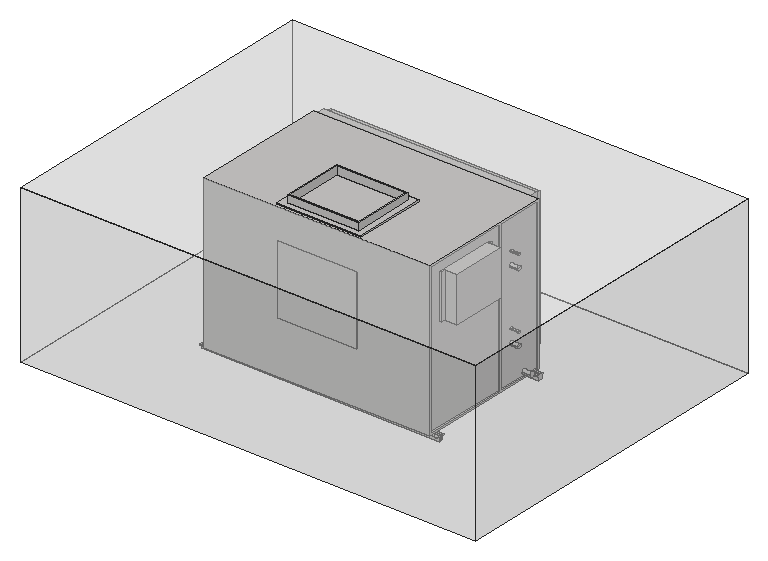
Revit family "outputfile", category 機械設備, Revit 2024
Family settings
  丸型コネクタ寸法 = 半径を使用
  パーツ タイプ = 標準
  OmniClass 番号 = 23.75.10.24.21.27.27
  OmniClass タイトル = Split System Air Conditioning Units
  作業面ベース = いいえ
  常に垂直 = はい
  ロード時にボイドで切り取り = いいえ
  注釈の向きを維持 = いいえ
  共有 = いいえ
  部屋計算ポイント = はい
Parameters (values of type "FBVN250H2BY1C")
  Description = ""
  書き出し IFC クラス(タイプ) = "IfcUnitaryEquipmentType"
  定義済み IFC タイプ(タイプ) = "AIRCONDITIONINGUNIT"
  Cost = 0
  Type Comments = ""
  Keynote = ""
  Type Image = (empty or 0)
  Assembly Code = ""
  switch_frequency = yes
  lw_power = 930 mm
  lw_frontpanel = 620 mm
  lw_box = 97 mm
  lw_RA = 853 mm
  lh_liquidpipe_2 = 428 mm
  lh_height_SA = 482 mm
  lh_ld_mountinghole_height = 35 mm
  lh_height_RA = 1073 mm
  lh_hangerfixture = 35 mm
  lh_gaspipe_2 = 328 mm
  lh_frontpanel_bottom = 444 mm
  lh_frontpanel = 542 mm
  lh_box_top = 95 mm
  lh_box = 351 mm
  lh_SA = 1291 mm
  lh_RA = 659.5 mm
  ld_void_top = if(Height = 1231 mm, 10 mm, 9 mm)  # 10 mm
  ld_void_right = if(Height = 1231 mm, 10 mm, 9 mm)  # 10 mm
  ld_void_middle = if(Height = 1231 mm, 10 mm, 18 mm)  # 10 mm
  ld_void_length = if(Height = 1231 mm, 680.2 mm, 535.5 mm)  # 680.2 mm
  ld_void_left = if(Height = 1231 mm, 10 mm, 9 mm)  # 10 mm
  ld_void_bottom = if(Height = 1231 mm, 10 mm, 6 mm)  # 10 mm
  ld_frontpanel = 10 mm
  ld_depth_SA = 301 mm
  ld_depth_RA = 130 mm
  ld_box_left = 115 mm
  ld_box = 490 mm
  connector_voltage = 0 V
  connector_powerinput = [Power Input (Cooling)]  # 23.880 kW
  connector_phase = 1
  製造元 = "Daikin"
  モデル = "FBVN250H2BY1C"
  w_pipe = 33 mm
  r_Liquid Pipe Size = Liquid Pipe Size / 2  # 6.35 mm
  r_Gas Pipe Size = Gas Pipe Size / 2  # 14.3 mm
  r_Drain Pipe Size = Drain Pipe Size / 2  # 17.0 mm
  lw_powersupply = lw_power  # 930 mm
  lw_width_RA = 1636 mm
  lw_width_SA = 540 mm
  lh_suctionflange [instance] = 100 mm
  ld_suctionflange [instance] = 190 mm
  ld_powersupply = 0 mm
  angle_vertical_RA [instance] = 90.00°
  angle horizontal_RA [instance] = 180.00°
  Voltage_comment_50Hz = "380 - 415"
  Voltage_50Hz = 400 V
  URL = ""
  Sound Power Level_H speed (dB) = 0
  Phase_50Hz = 3
  Minimum External Static Pressure = 0.00 Pa
  Minimum Circuit Amps_50Hz = 0.0 A
  Maximum Fuse Amps_50Hz = 0.0 A
  Maximum External Static Pressure = 200.00 Pa
  Material_Casing = DAIKIN_GalvanizedSteel_Casing_indoorunit
  lw_liquidpipe = 933 mm
  lw_gaspipe = 933 mm
  lw_mountinghole_pitch = 1826 mm
  lw_mountinghole = 1866 mm
  lw_drainpipe = 933 mm
  lh_powersupply = 785 mm
  lh_liquidpipe = 974 mm
  lh_gaspipe = 874 mm
  lh_mountinghole = 5 mm
  lh_drainpipe = 73 mm
  lh_antena = 1227 mm
  ld_liquidpipe = 280.5 mm
  ld_gaspipe = 280.5 mm
  ld_mountinghole_pitch = 974 mm
  ld_drainpipe = 405.5 mm
  ld_controlbox = 626 mm
  h*** = 0 mm  # constant formula
  d_dischargeflange = 60 mm
  Width = 1766 mm
  Version = "ver.1.0"
  Unit Type = "Duct"
  Unit Mass Weight = 323.00 kg
  Unit Designation [instance] = ""
  Uniclass2015Version = "Products v1.30"
  Uniclass2015Title = "Split coil room air conditioning units"
  Uniclass2015Code = "Pr_70_65_03_86"
  Total Cooling Capacity [instance] = 0.000 kW
  Sound Pressure Level_M speed (dBA) = 0
  Sound Pressure Level_L speed (dBA) = 0
  Sound Pressure Level_H speed (dBA) = 63
  Series = "Package Aircon_Fan Coil Unit"
  Sensible Cooling Capacity [instance] = 0.000 kW
  SA Duct Size Width = 560 mm
  SA Duct Size Height = 482 mm
  Refrigerant Type = "R410A"
  RA Duct Size Width = 1636 mm
  RA Duct Size Height = 1073 mm
  Power Input (Cooling) = 23.880 kW
  Option Accessory 3 [instance] = ""
  Option Accessory 2 [instance] = ""
  Option Accessory 1 [instance] = ""
  Nominal Cooling Capacity = 73.200 kW
  Minimum Airflow = 0.00 m³/h
  Median Airflow = 0.00 m³/h
  Maximum Airflow = 12743.00 m³/h
  Load Classification = HVAC
  Liquid Pipe Size = 12.7 mm
  Link_Nested Family [instance] = ""
  IfcVersion = ""
  IfcExportType = "AIRCONDITIONINGUNIT"
  IfcExportAs = "IfcUnitaryEquipmentType"
  Height = 1231 mm
  Heat Exchanger Type = "Cross Fin Coil"
  Gas Pipe Size = 28.6 mm
  Frequency_50Hz = 50 Hz
  Fan Type = "Sirocco Fan"
  Fan Drive = "-"
  FCU Tag No. [instance] = ""
  Drain Pipe Size = 34.0 mm
  Design Supply Airflow [instance] = 0.00 m³/h
  Design Return Airflow [instance] = 0.00 m³/h
  Design External Static Pressure [instance] = 0.00 Pa
  Depth = 1069 mm
  既定の高さ = 0 mm
  Cooling Entering Wet Bulb Temperature [instance] = 0.00 °C
  Cooling Entering Dry Bulb Temperature [instance] = 0.00 °C
  Cooling Ambient Wet Bulb Temperature [instance] = 0.00 °C
  Cooling Ambient Dry Bulb Temperature [instance] = 0.00 °C
  Clearance visibility [instance] = yes
  Clearance Top = 0 mm
  Clearance Right = 1000 mm
  Clearance Rear = 800 mm
  Clearance Left = 800 mm
  Clearance Front = 800 mm
  Clearance Bottom = 0 mm
Reference planes
  plane 1 "Center (Front/Back)": y = 0
  plane 2: z = 0
  plane 3 "Center (Left/Right)": x = 0
  plane 4 "Back": y = 534.5
  plane 5 "Front": y = -534.5
  plane 6 "Left": x = -883
  plane 7 "Right": x = 883
  plane 8 "Top": z = 0
  plane 9 "Bottom": z = -1231
  plane 10: z = -257
  plane 11: z = -357
  plane 12: x = -913
  plane 13: x = 913
  plane 14: x = 933
  plane 15: x = 933
  plane 16: z = -1226
  plane 17 "Clearance Left": x = -1683
  plane 18 "Clearance Right": x = 1883
  plane 19 "Clearance Rear": y = 1334.5
  plane 20 "Clearance Front": y = -1334.5
  plane 21 "Clearance Bottom": z = -1231
  plane 22: z = -1158
  plane 23 "ld_gas": y = 280.5
  plane 24: y = 280.5
  plane 25: y = -30
  plane 26: y = 405.5
  plane 27: y = 344.5
  plane 28: x = 933
  plane 29: y = 487
  plane 30: y = -487
  plane 31: y = -233.5
  plane 32: y = 664.5
  plane 33 "Clearance Top": z = 0
  plane 34: z = -446
  plane 35: y = 0
  plane 36 "hangerfixture": z = -1196
  plane 37 "lh_SA": z = 60
  plane 38 "lh_RA": z = -571.5
  plane 39 "RA_center": x = -30
  plane 40: x = 883
  plane 41: x = 980
  plane 42: y = -419.5
  plane 43: y = -389.5
  plane 44: y = 40.5
  plane 45: y = 70.5
  plane 46 "box_bottom": z = -446
  plane 47 "box_top": z = -95
  plane 48: x = -310
  plane 49: x = 310
  plane 50: y = -534.5
  plane 51: y = -524.5
  plane 52 "lw_power": x = 930
  plane 53: z = -803
  plane 54: z = -903
  plane 55: z = -787
  plane 56: z = -245
  plane 57: y = -524.5
  plane 58: y = 155.7
  plane 59: y = 165.7
  plane 60: y = 524.5
  plane 61: z = -10
  plane 62: z = -1186
  plane 63: x = 863
  plane 64: x = -863
Forms (mm)
  Extrusion 1, solid, material "DAIKIN_GalvanizedSteel_Casing_indoorunit" <- "Material_Casing"
    sketch origin (0, -0.8, 0) x (1, 0, 0) y (0, 1, 0)
      loop
        line (-883, -533.7) -> (883, -533.7) -> (883, 535.3) -> (-883, 535.3) -> (-883, -533.7)
    from -1196 to 0
  Revolve 2, solid, material "DAIKIN_GalvanizedSteel_Casing_indoorunit" <- "Material_Casing"
    sketch origin (0, 0, -357) x (0, -1, 0) y (1, 0, 0)
      loop
        line (-266.2, 863) -> (-266.2, 933) -> (-280.5, 933) -> (-280.5, 863) -> (-266.2, 863)
      axis (-280.5, 863) -> (-280.5, 933)
    angle from 0 to 360
  Revolve 3, solid, material "DAIKIN_GalvanizedSteel_Casing_indoorunit" <- "Material_Casing"
    sketch origin (0, 0, -257) x (0, -1, 0) y (1, 0, 0)
      loop
        line (-280.5, 863) -> (-280.5, 933) -> (-286.85, 933) -> (-286.85, 863) -> (-280.5, 863)
      axis (-280.5, 933) -> (-280.5, 863)
    angle from 0 to 360
  Extrusion 4, solid, material "DAIKIN_GalvanizedSteel_Casing_indoorunit" <- "Material_Casing"
    sketch origin (0, 0, 0) x (0, 1, 0) y (0, 0, 1)
      loop
        circle (405.5, -1158) r 17
    from 933 to 863
  Extrusion 5, solid, material "DAIKIN_GalvanizedSteel_Casing_indoorunit" <- "Material_Casing"
    sketch origin (0, 0, 0) x (1, 0, 0) y (0, 1, 0)
      loop
        line (863, -419.5) -> (883, -419.5) -> (883, -389.5) -> (980, -389.5) -> (980, 40.5) -> (883, 40.5) -> (883, 70.5) -> (863, 70.5) -> (863, -419.5)
    from -446 to -95
  Extrusion 6, solid, material "DAIKIN_GalvanizedSteel_Casing_indoorunit" <- "Material_Casing"
    sketch origin (0, 0, -1231) x (-1, 0, 0) y (0, -1, 0)
      loop
        line (310, 524.5) -> (310, 534.5) -> (-310, 534.5) -> (-310, 524.5) -> (310, 524.5)
    from 444 to 986
  Revolve 7, solid, material "DAIKIN_GalvanizedSteel_Casing_indoorunit" <- "Material_Casing"
    sketch origin (0, 0, -903) x (0, -1, 0) y (1, 0, 0)
      loop
        line (-266.2, 863) -> (-266.2, 933) -> (-280.5, 933) -> (-280.5, 863) -> (-266.2, 863)
      axis (-280.5, 863) -> (-280.5, 933)
    angle from 0 to 360
  Revolve 8, solid, material "DAIKIN_GalvanizedSteel_Casing_indoorunit" <- "Material_Casing"
    sketch origin (0, 0, -803) x (0, -1, 0) y (1, 0, 0)
      loop
        line (-280.5, 863) -> (-280.5, 933) -> (-286.85, 933) -> (-286.85, 863) -> (-280.5, 863)
      axis (-280.5, 933) -> (-280.5, 863)
    angle from 0 to 360
  Extrusion 9, void
    sketch origin (883, 0, 0) x (0, 1, 0) y (0, 0, 1)
      loop
        line (-524.5, -10) -> (-524.5, -1186) -> (155.7, -1186) -> (155.7, -10) -> (-524.5, -10)
      loop
        line (165.7, -10) -> (165.7, -1186) -> (524.5, -1186) -> (524.5, -10) -> (165.7, -10)
    from 0 to -20
  Extrusion 10, void
    sketch origin (-883, 0, 0) x (0, 1, 0) y (0, 0, 1)
      loop
        line (-524.5, -10) -> (-524.5, -1186) -> (155.7, -1186) -> (155.7, -10) -> (-524.5, -10)
      loop
        line (165.7, -10) -> (165.7, -1186) -> (524.5, -1186) -> (524.5, -10) -> (165.7, -10)
    from 0 to 20
Cuts and joins
  Extrusion 9, Extrusion 10 cuts Extrusion 1
  Extrusion 9, Extrusion 10 cuts Extrusion 6
Dimensions and locks
  equal spacing: plane 12, plane 3 "Center (Left/Right)", plane 13
  "lw_mountinghole_pitch": plane 12 to plane 13
  "lh_liquidpipe": plane 10 to plane 9 "Bottom"
  "lh_gaspipe": plane 11 to plane 9 "Bottom"
  equal spacing: plane 6 "Left", plane 3 "Center (Left/Right)", plane 7 "Right"
  "Width": plane 6 "Left" to plane 7 "Right"
  "Clearance Right": plane 7 "Right" to plane 18 "Clearance Right"
  "Clearance Left": plane 17 "Clearance Left" to plane 6 "Left"
  "Clearance Rear": plane 19 "Clearance Rear" to plane 4 "Back"
  "Clearance Front": plane 5 "Front" to plane 20 "Clearance Front"
  "Depth": plane 4 "Back" to plane 5 "Front"
  equal spacing: plane 4 "Back", plane 1 "Center (Front/Back)", plane 5 "Front"
  "ld_suctionflange": plane 4 "Back" to plane 27
  "r_Liquid Pipe Size": nested 5 to Revolve 3 sketch curve
  equal spacing: plane 29, plane 1 "Center (Front/Back)", plane 30
  "ld_mountinghole_pitch": plane 29 to plane 30
  "lw_liquidpipe": plane 3 "Center (Left/Right)" to plane 14
  "lw_gaspipe": plane 3 "Center (Left/Right)" to plane 15
  "lw_drainpipe": plane 3 "Center (Left/Right)" to plane 28
  "lh_drainpipe": plane 22 to plane 9 "Bottom"
  "Clearance Top": plane 33 "Clearance Top" to plane 8 "Top"
  "Clearance Bottom": plane 9 "Bottom" to plane 21 "Clearance Bottom"
  "lh_powersupply": plane 34 to plane 9 "Bottom"
  plane 8 "Top" to level = 0 mm
  "lh_hangerfixture": plane 36 "hangerfixture" to plane 9 "Bottom"
  "lh_SA": plane 37 "lh_SA" to plane 9 "Bottom"
  "ld_depth_RA": plane 32 to plane 4 "Back"
  "lh_RA": plane 38 "lh_RA" to plane 9 "Bottom"
  "lw_RA": plane 6 "Left" to plane 39 "RA_center"
  "ld_box_left": plane 42 to plane 5 "Front"
  "ld_box": plane 45 to plane 42
  locked: plane 43 to plane 42 at 30
  locked: plane 45 to plane 44 at 30
  "lw_box": plane 7 "Right" to plane 41
  "lh_box_top": plane 8 "Top" to plane 47 "box_top"
  "lh_box": plane 47 "box_top" to plane 46 "box_bottom"
  equal spacing: plane 48, plane 3 "Center (Left/Right)", plane 49
  "lw_power": plane 3 "Center (Left/Right)" to plane 52 "lw_power"
  "lh_gaspipe_2": plane 54 to plane 9 "Bottom"
  "lh_liquidpipe_2": plane 53 to plane 9 "Bottom"
  "ld_powersupply": plane 1 "Center (Front/Back)" to plane 35
  "ld_drainpipe": plane 26 to plane 1 "Center (Front/Back)"
  "ld_gaspipe": plane 23 "ld_gas" to plane 1 "Center (Front/Back)"
  "r_Gas Pipe Size": plane 23 "ld_gas" to Revolve 7 sketch curve
  "r_Gas Pipe Size": plane 23 "ld_gas" to Revolve 2 sketch curve
  "r_Liquid Pipe Size": Revolve 8 sketch curve to plane 24
  "ld_liquidpipe": plane 24 to plane 1 "Center (Front/Back)"
  "ld_depth_SA": plane 31 to plane 5 "Front"
  "Height": plane 8 "Top" to plane 9 "Bottom"
  "lh_mountinghole": plane 16 to plane 9 "Bottom"
  "lw_frontpanel": plane 48 to plane 49
  "lh_frontpanel_bottom": plane 55 to plane 9 "Bottom"
  "lh_frontpanel": plane 56 to plane 55
  locked: plane 51 to plane 5 "Front" at 10
  "ld_frontpanel": plane 51 to plane 50
  "ld_void_top": plane 8 "Top" to plane 61
  "ld_void_left": plane 5 "Front" to plane 57
  "ld_void_right": plane 60 to plane 4 "Back"
  "ld_void_length": plane 57 to plane 58
  "ld_void_middle": plane 58 to plane 59
  "ld_void_bottom": plane 36 "hangerfixture" to plane 62
  locked: plane 6 "Left" to plane 64 at 20
  locked: plane 63 to plane 7 "Right" at 20
  "r_Drain Pipe Size": radius of Extrusion 4 sketch curve
  aligned and locked: level to plane 2
  aligned and locked: plane 8 "Top" to Extrusion 1
  aligned and locked: Revolve 2 sketch curve to Revolve 2 sketch curve
  aligned and locked: plane 14 to nested 5
  aligned and locked: nested 5 to plane 10
  aligned and locked: plane 13 to nested 2
  aligned and locked: plane 12 to nested 3
  aligned and locked: plane 12 to nested 4
  aligned and locked: nested 6 to plane 11
  aligned and locked: plane 23 "ld_gas" to nested 6
  aligned and locked: plane 24 to nested 5
  aligned and locked: Extrusion 4 sketch curve to plane 26
  aligned and locked: nested 10 to plane 19 "Clearance Rear"
  aligned and locked: nested 10 to plane 18 "Clearance Right"
  aligned and locked: nested 10 to plane 17 "Clearance Left"
  aligned and locked: nested 10 to plane 20 "Clearance Front"
  aligned and locked: plane 28 to Extrusion 4
  aligned and locked: plane 15 to nested 6  (x2)
  aligned and locked: plane 13 to nested 1
  aligned and locked: plane 26 to nested 7
  aligned and locked: nested 7 to plane 22
  aligned and locked: nested 7 to plane 28
  aligned and locked: plane 29 to nested 1
  aligned and locked: plane 30 to nested 2
  aligned and locked: nested 4 to plane 29
  aligned and locked: nested 3 to plane 30
  aligned and locked: nested 9 to plane 4 "Back"
  aligned and locked: plane 32 to nested 13
  aligned and locked: plane 3 "Center (Left/Right)" to nested 12
  aligned and locked: nested 10 to plane 33 "Clearance Top"
  aligned and locked: nested 10 to plane 21 "Clearance Bottom"
  aligned and locked: nested 11 to plane 9 "Bottom"
  aligned and locked: plane 36 "hangerfixture" to Extrusion 1
  aligned and locked: Extrusion 1 to plane 5 "Front"
  aligned and locked: Extrusion 1 to plane 4 "Back"
  aligned and locked: plane 38 "lh_RA" to nested 9
  aligned and locked: nested 13 to plane 38 "lh_RA"
  aligned and locked: plane 39 "RA_center" to nested 9
  aligned and locked: nested 13 to plane 39 "RA_center"
  aligned and locked: plane 45 to Extrusion 5 sketch curve
  aligned and locked: plane 41 to Extrusion 5 sketch curve
  aligned and locked: Extrusion 5 sketch curve to plane 42
  aligned and locked: plane 47 "box_top" to Extrusion 5
  aligned and locked: Extrusion 5 to plane 46 "box_bottom"
  aligned and locked: Extrusion 6 sketch curve to plane 51
  aligned and locked: Extrusion 6 sketch curve to plane 48
  aligned and locked: plane 50 to Extrusion 6 sketch curve
  aligned and locked: plane 49 to Extrusion 6 sketch curve
  aligned and locked: Revolve 7 sketch curve to Revolve 7 sketch curve
  aligned and locked: nested 15 to plane 53
  aligned and locked: nested 16 to plane 54
  aligned and locked: plane 14 to Revolve 8
  aligned and locked: nested 15 to plane 14
  aligned and locked: nested 14 to plane 35
  aligned and locked: Revolve 2 sketch curve to plane 23 "ld_gas"
  aligned and locked: plane 23 "ld_gas" to nested 16
  aligned and locked: plane 24 to nested 15
  aligned and locked: plane 37 "lh_SA" to nested 12
  aligned and locked: plane 37 "lh_SA" to nested 8
  aligned and locked: plane 31 to nested 12
  aligned and locked: plane 31 to nested 8
  aligned and locked: plane 40 to Extrusion 5 sketch curve
  aligned and locked: Extrusion 5 sketch curve to plane 43
  aligned and locked: Extrusion 5 sketch curve to plane 44
  aligned and locked: Extrusion 5 sketch curve to plane 40
  aligned and locked: nested 14 to plane 52 "lw_power"
  aligned and locked: nested 14 to plane 34
  aligned and locked: plane 55 to Extrusion 6
  aligned and locked: plane 56 to Extrusion 6
  aligned and locked: plane 15 to Revolve 7
  aligned and locked: plane 15 to Revolve 2
  aligned and locked: Extrusion 9 sketch curve to plane 61  (x2)
  aligned and locked: Extrusion 9 sketch curve to plane 57
  aligned and locked: plane 62 to Extrusion 9 sketch curve  (x2)
  aligned and locked: Extrusion 9 sketch curve to plane 58
  aligned and locked: Extrusion 9 sketch curve to plane 59
  aligned and locked: Extrusion 9 sketch curve to plane 60
  aligned and locked: cut or joined group of Extrusion 1, Extrusion 9, Extrusion 10 to Revolve 8
  aligned and locked: Revolve 7 to cut or joined group of Extrusion 1, Extrusion 9, Extrusion 10
  aligned and locked: cut or joined group of Extrusion 1, Extrusion 9, Extrusion 10 to Revolve 3
  aligned and locked: Revolve 2 to cut or joined group of Extrusion 1, Extrusion 9, Extrusion 10
  aligned and locked: cut or joined group of Extrusion 1, Extrusion 9, Extrusion 10 to plane 63
  aligned and locked: Revolve 8 to plane 63  (x2)
  aligned and locked: plane 63 to Revolve 7  (x2)
  aligned and locked: Extrusion 4 to plane 63
  aligned and locked: Extrusion 5 to plane 63
  aligned and locked: Extrusion 10 sketch curve to cut or joined group of Extrusion 1, Extrusion 9, Extrusion 10  (x8)
  aligned and locked: plane 64 to cut or joined group of Extrusion 1, Extrusion 9, Extrusion 10
Automatic sketch dimensions
  Extrusion 1 sketch curve to plane 4 "Back" = 0 mm
  Extrusion 1 sketch curve to plane 6 "Left" = 0 mm
  Extrusion 1 sketch curve to plane 5 "Front" = 0 mm
  Extrusion 1 sketch curve to plane 7 "Right" = 0 mm
  Revolve 3 sketch curve to plane 23 "ld_gas" = 0 mm  (x2)
  Revolve 3 sketch curve to plane 14 = 0 mm  (x2)
  Revolve 3 sketch curve to plane 7 "Right" = 20 mm
  plane 7 "Right" to Revolve 3 sketch curve = 15 mm
  Extrusion 4 sketch curve to plane 22 = 0 mm
  Revolve 8 sketch curve to plane 23 "ld_gas" = 0 mm  (x2)
  Revolve 8 sketch curve to plane 14 = 0 mm  (x2)
  Revolve 8 sketch curve to plane 7 "Right" = 20 mm
  plane 7 "Right" to Revolve 8 sketch curve = 15 mm
  Revolve 2 sketch curve to plane 63 = 0 mm
  Revolve 2 sketch curve to plane 14 = 0 mm
  Revolve 2 sketch curve to plane 52 "lw_power" = 0.997 mm
  Revolve 2 sketch curve to Revolve 2 sketch curve = 0.497 mm
  Extrusion 5 sketch curve to plane 63 = 0 mm
  Revolve 7 sketch curve to plane 23 "ld_gas" = 0 mm
  Revolve 7 sketch curve to plane 63 = 0 mm
  Revolve 7 sketch curve to plane 14 = 0 mm
  Revolve 7 sketch curve to plane 52 "lw_power" = 0.997 mm
  Revolve 7 sketch curve to Revolve 7 sketch curve = 0.497 mm
Nested families
  nested 1: "daikin_mountinghole" at (913, 487, -1231), Link_Nested Family <- "Link_Nested Family", h_mountinghole <- "lh_mountinghole", l_antenna <- "lh_antena", type "daikin_mountinghole"
    with show yes, l_antenna 1227 mm, h_mountinghole 5 mm, Link_Nested Family "", d_circle 23 mm
  nested 2: "daikin_mountinghole" at (913, -487, -1231), Link_Nested Family <- "Link_Nested Family", h_mountinghole <- "lh_mountinghole", l_antenna <- "lh_antena", type "daikin_mountinghole"
    with show yes, l_antenna 1227 mm, h_mountinghole 5 mm, Link_Nested Family "", d_circle 23 mm
  nested 3: "daikin_mountinghole" at (-913, -487, -1231), Link_Nested Family <- "Link_Nested Family", h_mountinghole <- "lh_mountinghole", l_antenna <- "lh_antena", type "daikin_mountinghole"
    with show yes, l_antenna 1227 mm, h_mountinghole 5 mm, Link_Nested Family "", d_circle 23 mm
  nested 4: "daikin_mountinghole" at (-913, 487, -1231), Link_Nested Family <- "Link_Nested Family", h_mountinghole <- "lh_mountinghole", l_antenna <- "lh_antena", type "daikin_mountinghole"
    with show yes, l_antenna 1227 mm, h_mountinghole 5 mm, Link_Nested Family "", d_circle 23 mm
  nested 5: "daikin_connector_rotate2" at (0, 280.5, -257) x (0, 1, 0) z (0, 0, 1), length <- "lw_liquidpipe", built-in parameter 1001364 <- "lh_liquidpipe", radius <- "r_Liquid Pipe Size", type "daikin_connector_rotate2"
    with radius 6.35 mm, length 933 mm, angle_vertical 90.00°
  nested 6: "daikin_connector_rotate2" at (0, 280.5, -357) x (0, 1, 0) z (0, 0, 1), length <- "lw_gaspipe", built-in parameter 1001364 <- "lh_gaspipe", radius <- "r_Gas Pipe Size", type "daikin_connector_rotate2"
    with radius 14.3 mm, length 933 mm, angle_vertical 90.00°
  nested 7: "daikin_connector_rotate2" at (0, 405.5, -1158) x (0, 1, 0) z (0, 0, 1), built-in parameter 1001364 <- "lh_drainpipe", length <- "lw_drainpipe", radius <- "r_Drain Pipe Size", type "daikin_connector_rotate2"
    with radius 17 mm, length 933 mm, angle_vertical 90.00°
  nested 8: "daikin_connector_rotate2" at (0, -233.5, 0) x (1, 0, 0) z (0, 1, 0), length <- "d_dischargeflange", type "daikin_connector_rotate2"
    with radius 10 mm, length 60 mm, angle_vertical 90.00°
  nested 9: "daikin_ductflange_FBVN-H2BY1C" at (-30, 534.5, -571.5), material <- "Material_Casing", width <- "lw_width_RA", height <- "lh_height_RA", depth <- "ld_depth_RA", type "daikin_ductflange_FBVN-H2BY1C"
    with y 15 mm, x 6.5 mm, width 1636 mm, t 80 mm, material DAIKIN_GalvanizedSteel_Casing_indoorunit, height 1073 mm, depth 130 mm
  nested 10: "daikin_clearancespace" at (100, 0, -615.381), visible <- "Clearance visibility", show <- "Clearance visibility", Link_Nested Family <- "Link_Nested Family", type "daikin_clearancespace"
    with width 3566 mm, show yes, height 1231 mm, depth 2669 mm, Link_Nested Family ""
  nested 11: "daikin_hangerfixture_FBVN-H2BY1C" at (0, 0, -1231), type "daikin_hangerfixture_FBVN-H2BY1C"
    with width 1826 mm, depth 974 mm, Heigh 1231 mm, G 1866 mm, 250/300 yes, 200 no
  nested 12: "daikin_ductflange_FBVN-H2BY1C-1" at (0, -422.901, 0) x (1, 0, 0) z (0, 1, 0), width <- "lw_width_SA", material <- "Material_Casing", height <- "lh_height_SA", depth <- "d_dischargeflange", type "daikin_ductflange_FBVN-H2BY1C-1"
    with y 50 mm, x 40 mm, width 540 mm, t 10 mm, material DAIKIN_GalvanizedSteel_Casing_indoorunit, height 482 mm, depth 60 mm
  nested 13: "daikin_connector_rotate2" at (-30, 534.5, -571.5) x (-1, 0, 0) z (0, 0, 1), length <- "ld_depth_RA", type "daikin_connector_rotate2"
    with radius 10 mm, length 130 mm, angle_vertical 90.00°
  nested 14: "daikin_connector_rotate2" at (930, 0, -95) x (0, 1, 0) z (1, 0, 0), length <- "lh_box", type "daikin_connector_rotate2"
    with radius 10 mm, length 351 mm, angle_vertical 90.00°
  nested 15: "daikin_connector_rotate2" at (0, 280.5, -803) x (0, 1, 0) z (0, 0, 1), length <- "lw_liquidpipe", built-in parameter 1001364 <- "lh_liquidpipe", radius <- "r_Liquid Pipe Size", type "daikin_connector_rotate2"
    with radius 6.35 mm, length 933 mm, angle_vertical 90.00°
  nested 16: "daikin_connector_rotate2" at (0, 280.5, -903) x (0, 1, 0) z (0, 0, 1), length <- "lw_gaspipe", built-in parameter 1001364 <- "lh_gaspipe", radius <- "r_Gas Pipe Size", type "daikin_connector_rotate2"
    with radius 14.3 mm, length 933 mm, angle_vertical 90.00°
Connectors
  piping at (933, 280.5, -357), diameter 28.6, driven by "r_Gas Pipe Size"
    settings: on nested 6, index 1, connector inside diameter 609.6 mm, connector length 0 mm, flow factor 0, pipe flow 0.00 m³/h, pressure drop 0.0 Pa, fitting loss kfactor 0, connector angle 0.00°, fixture units 0, engagement length 0 mm, angle of deflection 0.00°, flow configuration 1, flow direction 2, fitting loss method 0, system type 29, joint type 0, gender type 0, connector reference index -1, connector utility 0, adjustable connector no, is connector primary yes, connector description "Refrigerant Gas Piping"
  piping at (933, 280.5, -257), diameter 12.7, driven by "r_Liquid Pipe Size"
    settings: on nested 5, index 2, connector inside diameter 609.6 mm, connector length 0 mm, flow factor 0, pipe flow 0.00 m³/h, pressure drop 0.0 Pa, fitting loss kfactor 0, connector angle 0.00°, fixture units 0, engagement length 0 mm, angle of deflection 0.00°, flow configuration 1, flow direction 1, fitting loss method 0, system type 29, joint type 0, gender type 0, connector reference index -1, connector utility 0, adjustable connector no, is connector primary no, connector description "Refrigerant Liquid Piping"
  piping at (933, 405.5, -1158), diameter 34, driven by "r_Drain Pipe Size"
    settings: on nested 7, index 3, connector inside diameter 609.6 mm, connector length 0 mm, flow factor 0, pipe flow 0.00 m³/h, pressure drop 0.0 Pa, fitting loss kfactor 0, connector angle 0.00°, fixture units 0, engagement length 0 mm, angle of deflection 0.00°, flow configuration 1, flow direction 2, fitting loss method 4, system type 16, joint type 0, gender type 0, connector reference index -1, connector utility 0, adjustable connector no, is connector primary no, connector description "Condensate Drain Piping"
  hvac at (0, -233.5, 60), driven by "SA Duct Size Height", driven by "SA Duct Size Width"
    settings: on nested 8, index 7, duct flow 0.00 m³/h, flow factor 0, pres drop 0.00 Pa, loss coef 0, conn angle 0.00°, conn width 560.0 mm, conn height 482.0 mm, conn diameter 609.6 mm, duct sys type 1, conn prof type 1, flow config 0, flow direction 2, loss method 4, conn ref index -1, conn util no, is conn primary yes, conn desc "SA Duct"
  hvac at (-30, 664.5, -571.5), driven by "RA Duct Size Width", driven by "RA Duct Size Height"
    settings: on nested 13, index 8, duct flow 0.00 m³/h, flow factor 0, pres drop 0.00 Pa, loss coef 0, conn angle 0.00°, conn width 1636.0 mm, conn height 1073.0 mm, conn diameter 609.6 mm, duct sys type 2, conn prof type 1, flow config 0, flow direction 1, loss method 4, conn ref index -1, conn util no, is conn primary no, conn desc "RA Duct"
  electrical at (930, 0, -446), driven by "Load Classification", driven by "connector_phase", driven by "connector_powerinput", driven by "connector_voltage"
    settings: on nested 14, index 9, voltage 0 V, apparent load 23880 VA, apparent load phase1 0 VA, apparent load phase2 0 VA, apparent load phase3 0 VA, power factor 1, load classification "HVAC", number of poles 1, system type 30, power factor state 1, is connector primary yes, connector utility no, sub classification motor no, connector description "Power Supply"
  piping at (933, 280.5, -903), diameter 28.6, driven by "r_Gas Pipe Size"
    settings: on nested 16, index 10, connector inside diameter 609.6 mm, connector length 0 mm, flow factor 0, pipe flow 0.00 m³/h, pressure drop 0.0 Pa, fitting loss kfactor 0, connector angle 0.00°, fixture units 0, engagement length 0 mm, angle of deflection 0.00°, flow configuration 1, flow direction 2, fitting loss method 0, system type 29, joint type 0, gender type 0, connector reference index -1, connector utility 0, adjustable connector no, is connector primary no, connector description "Refrigerant Gas Piping"
  piping at (933, 280.5, -803), diameter 12.7, driven by "r_Liquid Pipe Size"
    settings: on nested 15, index 11, connector inside diameter 609.6 mm, connector length 0 mm, flow factor 0, pipe flow 0.00 m³/h, pressure drop 0.0 Pa, fitting loss kfactor 0, connector angle 0.00°, fixture units 0, engagement length 0 mm, angle of deflection 0.00°, flow configuration 1, flow direction 1, fitting loss method 0, system type 29, joint type 0, gender type 0, connector reference index -1, connector utility 0, adjustable connector no, is connector primary no, connector description "Refrigerant Liquid Piping"
Definition of nested family "daikin_ductflange_FBVN-H2BY1C"
  Parameters (values of type "daikin_ductflange_2FGN-HYL")
    y [instance] = if(height = 1073 mm, 15 mm, 26 mm)  # 26 mm
    x [instance] = if(height = 1073 mm, 6.5 mm, 20 mm)  # 20 mm
    width [instance] = 1636 mm
    t [instance] = if(height = 1073 mm, 80 mm, 90 mm)  # 90 mm
    material [instance] = none
    height [instance] = 747 mm
    depth [instance] = 130 mm
    Default Elevation = 0 mm
  Reference planes
    plane 1 "Center (Front/Back)": y = 0
    plane 2: z = 0
    plane 3 "Center (Left/Right)": x = 0
    plane 4: x = -818
    plane 5: x = 818
    plane 6: z = 373.5
    plane 7: z = -373.5
    plane 8: y = 90
    plane 9: y = 130
    plane 10: x = -813
    plane 11: x = 813
    plane 12: z = -368.5
    plane 13: z = 368.5
    plane 14: x = -844
    plane 15: x = 844
    plane 16: z = 393.5
    plane 17: z = -393.5
  Forms (mm)
    Extrusion 1, solid, material <- "material"
      sketch origin (0, 0, 0) x (1, 0, 0) y (0, 0, 1)
        loop
          line (-844, 393.5) -> (-844, -393.5) -> (844, -393.5) -> (844, 393.5) -> (-844, 393.5)
        loop
          line (-813, 368.5) -> (-813, -368.5) -> (813, -368.5) -> (813, 368.5) -> (-813, 368.5)
      from 0 to -90
    Extrusion 2, solid, material <- "material"
      sketch origin (0, 0, 0) x (1, 0, 0) y (0, 0, 1)
        loop
          line (-818, 373.5) -> (-818, -373.5) -> (818, -373.5) -> (818, 373.5) -> (-818, 373.5)
        loop
          line (813, 368.5) -> (-813, 368.5) -> (-813, -368.5) -> (813, -368.5) -> (813, 368.5)
      from -130 to -90
  Cuts and joins
    joined: Extrusion 1, Extrusion 2
  Dimensions and locks
    equal spacing: plane 5, plane 3 "Center (Left/Right)", plane 4
    "width": plane 5 to plane 4
    equal spacing: plane 6, level, plane 7
    "height": plane 6 to plane 7
    "t": plane 1 "Center (Front/Back)" to plane 8
    "depth": plane 1 "Center (Front/Back)" to plane 9
    plane 6 to plane 13 = 5 mm
    plane 12 to plane 7 = 5 mm
    plane 5 to plane 11 = 5 mm
    plane 10 to plane 4 = 5 mm
    "y": plane 4 to plane 14
    "y": plane 15 to plane 5
    locked: plane 16 to plane 6 at 20
    "x": plane 7 to plane 17
    aligned and locked: level to plane 2
    aligned and locked: Extrusion 1 to plane 8
    aligned and locked: plane 1 "Center (Front/Back)" to Extrusion 1
    aligned and locked: Extrusion 2 to plane 9
    aligned and locked: Extrusion 2 to Extrusion 1
    aligned and locked: plane 13 to Extrusion 2 sketch curve
    aligned and locked: plane 11 to Extrusion 2 sketch curve
    aligned and locked: Extrusion 2 sketch curve to plane 12
    aligned and locked: Extrusion 2 sketch curve to plane 10
    aligned and locked: Extrusion 1 sketch curve to plane 16
    aligned and locked: plane 14 to Extrusion 1 sketch curve
    aligned and locked: plane 17 to Extrusion 1 sketch curve
    aligned and locked: Extrusion 1 sketch curve to plane 15
  Automatic sketch dimensions
    Extrusion 2 sketch curve to plane 4 = 0 mm
    Extrusion 2 sketch curve to plane 5 = 0 mm
    Extrusion 2 sketch curve to plane 7 = 0 mm
    Extrusion 2 sketch curve to plane 6 = 0 mm
    plane 4 to Extrusion 1 sketch curve = 5 mm
    Extrusion 1 sketch curve to plane 5 = 5 mm
    plane 7 to Extrusion 1 sketch curve = 5 mm
    Extrusion 1 sketch curve to plane 6 = 5 mm
Definition of nested family "daikin_clearancespace"
  Parameters (values of type "daikin_clearancespace")
    Description = "daikin_clearancespace"
    width [instance] = 1823.963 mm
    show [instance] = yes
    material = none
    height [instance] = 1359.762 mm
    depth [instance] = 880 mm
    Default Elevation = 0 mm
    Link_Nested Family [instance] = ""
  Reference planes
    plane 1 "Center (Front/Back)": y = 0
    plane 2 "Center (Elevation)": z = -0.119
    plane 3 "Center (Left/Right)": x = 0
    plane 4: y = 440
    plane 5: y = -440
    plane 6 "Right": x = 911.982
    plane 7 "Left": x = -911.982
    plane 8 "Top": z = 679.762
    plane 9 "Bottom": z = -680
  Forms (mm)
    Extrusion 1, solid, material <- "material", visible <- "show"
      sketch origin (0, 0, 0) x (1, 0, 0) y (0, 1, 0)
        loop
          line (-911.982, 440) -> (-911.982, -440) -> (911.982, -440) -> (911.982, 440) -> (-911.982, 440)
      from -680 to 679.762
  Lines and regions (mm)
    symbolic lines, visible <- "show"
      curve 1: line (911.982, 440, 0) -> (-911.982, 440, 0)
      curve 2: line (-911.982, 440, 0) -> (-911.982, -440, 0)
      curve 3: line (-911.982, -440, 0) -> (911.982, -440, 0)
      curve 4: line (911.982, -440, 0) -> (911.982, 440, 0)
      curve 5: line (911.982, 0, 679.762) -> (-911.982, 0, 679.762)
      curve 6: line (911.982, 0, -680) -> (911.982, 0, 679.762)
      curve 7: line (-911.982, 0, -680) -> (911.982, 0, -680)
      curve 8: line (-911.982, 0, 679.762) -> (-911.982, 0, -680)
      curve 9: line (0, 440, 679.762) -> (0, -440, 679.762)
      curve 10: line (0, -440, 679.762) -> (0, -440, -680)
      curve 11: line (0, 440, -680) -> (0, 440, 679.762)
      curve 12: line (0, -440, -680) -> (0, 440, -680)
  Dimensions and locks
    "width": plane 7 "Left" to plane 6 "Right"
    "depth": plane 4 to plane 5
    "height": plane 8 "Top" to plane 9 "Bottom"
    equal spacing: plane 7 "Left", plane 3 "Center (Left/Right)", plane 6 "Right"
    equal spacing: plane 4, plane 1 "Center (Front/Back)", plane 5
    equal spacing: plane 8 "Top", plane 2 "Center (Elevation)", plane 9 "Bottom"
    aligned and locked: level to plane 2 "Center (Elevation)"
    aligned and locked: Extrusion 1 sketch curve to plane 4
    aligned and locked: plane 7 "Left" to Extrusion 1 sketch curve
    aligned and locked: Extrusion 1 sketch curve to plane 5
    aligned and locked: Extrusion 1 sketch curve to plane 6 "Right"
    aligned and locked: plane 8 "Top" to Extrusion 1
    aligned and locked: curve 1 to Extrusion 1
    aligned and locked: curve 2 to Extrusion 1
    aligned and locked: curve 3 to Extrusion 1
    aligned and locked: curve 4 to Extrusion 1
    aligned and locked: curve 5 to Extrusion 1
    aligned and locked: curve 6 to Extrusion 1
    aligned and locked: curve 7 to Extrusion 1
    aligned and locked: curve 8 to Extrusion 1
    aligned and locked: curve 9 to Extrusion 1
    aligned and locked: curve 10 to Extrusion 1
    aligned and locked: curve 11 to Extrusion 1
    aligned and locked: curve 12 to Extrusion 1
    aligned and locked: Extrusion 1 to plane 9 "Bottom"
Definition of nested family "daikin_hangerfixture_FBVN-H2BY1C"
  Parameters (values of type "daikin_hangerfixture_FBVN-H2BY1C")
    width = 1854 mm
    material = none
    height = 35 mm
    e = 40 mm
    depth = 754.6 mm
    Default Elevation = 0 mm
    Heigh = 885 mm
    G = 1894 mm
    E = 50 mm
    250/300 = Heigh = 1231 mm  # no
    200 = Heigh = 885 mm  # yes
  Reference planes
    plane 1 "Center (Front/Back)": y = 0
    plane 2: z = 0
    plane 3 "Center (Left/Right)": x = 0
    plane 4: x = 927
    plane 5: x = -927
    plane 6: z = 35
    plane 7: y = 377.3
    plane 8: y = -377.3
    plane 9: x = -947
    plane 10: x = 947
    plane 11: y = 417.3
    plane 12: y = -417.3
    plane 13: x = -897
    plane 14: x = 897
  Forms (mm)
    Extrusion 1, solid, visible <- "200"
      sketch origin (0, 0, 0) x (0, 1, 0) y (0, 0, 1)
        loop
          line (-417.3, 35) -> (-417.3, 26) -> (-406.3, 26) -> (-406.3, 0) -> (-348.3, 0) -> (-348.3, 26) -> (-337.3, 26) -> (-337.3, 35) -> (-357.3, 35) -> (-357.3, 9) -> (-397.3, 9) -> (-397.3, 35) -> (-417.3, 35)
        loop
          line (417.3, 35) -> (397.3, 35) -> (397.3, 9) -> (357.3, 9) -> (357.3, 35) -> (337.3, 35) -> (337.3, 26) -> (348.3, 26) -> (348.3, 0) -> (406.3, 0) -> (406.3, 26) -> (417.3, 26) -> (417.3, 35)
      from -947 to 947
    Extrusion 2, void
      sketch origin (0, 0, 0) x (1, 0, 0) y (0, 1, 0)
        loop
          circle (-927, 377.3) r 13
        loop
          circle (-927, -377.3) r 13
        loop
          circle (927, -377.3) r 13
        loop
          circle (927, 377.3) r 13
      from 0 to 9
    Extrusion 3, solid, material <- "material", visible <- "200"
      sketch origin (0, 0, 0) x (0, 1, 0) y (0, 0, 1)
        loop
          line (-337.3, 35) -> (-337.3, 26) -> (337.3, 26) -> (337.3, 35) -> (-337.3, 35)
      from -897 to 897
    Extrusion 4, solid, material <- "material", visible <- "250/300"
      sketch origin (0, 0, 0) x (0, 1, 0) y (0, 0, 1)
        loop
          line (-403.16, 30) -> (-390.23, 30) -> (-390.23, 0) -> (-364.37, 0) -> (-364.37, 30) -> (-353.749, 30) -> (-353.749, 35) -> (-369.37, 35) -> (-369.37, 5) -> (-385.23, 5) -> (-385.23, 35) -> (-403.16, 35) -> (-403.16, 30)
        loop
          line (403.16, 35) -> (385.23, 35) -> (385.23, 5) -> (369.37, 5) -> (369.37, 35) -> (353.749, 35) -> (353.749, 30) -> (364.37, 30) -> (364.37, 0) -> (390.23, 0) -> (390.23, 30) -> (403.16, 30) -> (403.16, 35)
      from -947 to 947
    Extrusion 5, void
      sketch origin (0, 0, 0) x (1, 0, 0) y (0, 1, 0)
        loop
          circle (927, 377.3) r 7.5
        loop
          circle (927, -377.3) r 7.5
        loop
          circle (-927, 377.3) r 7.5
        loop
          circle (-927, -377.3) r 7.5
      from 0 to 618
  Cuts and joins
    Extrusion 2 cuts Extrusion 1
    Extrusion 5 cuts Extrusion 4
  Dimensions and locks
    "width": plane 5 to plane 4
    equal spacing: plane 5, plane 3 "Center (Left/Right)", plane 4
    "depth": plane 8 to plane 7
    equal spacing: plane 8, plane 1 "Center (Front/Back)", plane 7
    "height": plane 6 to level
    "e": plane 7 to plane 11
    "e": plane 12 to plane 8
    equal spacing: plane 9, plane 3 "Center (Left/Right)", plane 10
    "G": plane 9 to plane 10
    locked: plane 9 to plane 13 at 50
    locked: plane 14 to plane 10 at 50
    aligned and locked: level to plane 2
    aligned and locked: Extrusion 1 to plane 9
    aligned and locked: plane 10 to Extrusion 1
    aligned and locked: plane 7 to Extrusion 2 sketch curve  (x2)
    aligned and locked: plane 5 to Extrusion 2 sketch curve  (x2)
    aligned and locked: plane 8 to Extrusion 2 sketch curve  (x2)
    aligned and locked: plane 4 to Extrusion 2 sketch curve  (x2)
    aligned and locked: Extrusion 3 sketch curve to cut or joined group of Extrusion 1, Extrusion 2  (x4)
    aligned and locked: Extrusion 3 to plane 13
    aligned and locked: plane 14 to Extrusion 3
    aligned and locked: Extrusion 4 to plane 9
    aligned and locked: plane 10 to Extrusion 4
    aligned and locked: plane 5 to Extrusion 5 sketch curve  (x2)
    aligned and locked: plane 7 to Extrusion 5 sketch curve  (x2)
    aligned and locked: plane 8 to Extrusion 5 sketch curve  (x2)
    aligned and locked: plane 4 to Extrusion 5 sketch curve  (x2)
  Automatic sketch dimensions
    Extrusion 1 sketch curve to plane 6 = 0 mm  (x4)
    Extrusion 1 sketch curve to plane 12 = 0 mm
    Extrusion 1 sketch curve to level = 0 mm  (x2)
    Extrusion 1 sketch curve to plane 11 = 0 mm
    Extrusion 1 sketch curve to plane 12 = 11 mm
    Extrusion 1 sketch curve to Extrusion 1 sketch curve = 9 mm  (x5)
    level to Extrusion 1 sketch curve = 9 mm  (x2)
    Extrusion 1 sketch curve to plane 8 = 20 mm
    Extrusion 1 sketch curve to Extrusion 1 sketch curve = 11 mm  (x2)
    plane 7 to Extrusion 1 sketch curve = 40 mm
    Extrusion 1 sketch curve to Extrusion 1 sketch curve = 20 mm
    plane 11 to Extrusion 1 sketch curve = 11 mm
    Extrusion 1 sketch curve to plane 6 = 9 mm  (x2)
    Extrusion 4 sketch curve to plane 6 = 0 mm  (x4)
    Extrusion 4 sketch curve to level = 0 mm  (x2)
    Extrusion 4 sketch curve to plane 12 = 14.14 mm
    plane 8 to Extrusion 4 sketch curve = 12.93 mm
    Extrusion 4 sketch curve to Extrusion 4 sketch curve = 5 mm  (x4)
    Extrusion 4 sketch curve to plane 8 = 7.93 mm
    Extrusion 4 sketch curve to plane 6 = 5 mm  (x4)
    Extrusion 4 sketch curve to Extrusion 4 sketch curve = 10.621 mm  (x2)
    plane 7 to Extrusion 4 sketch curve = 23.551 mm
    Extrusion 4 sketch curve to plane 7 = 7.93 mm
    Extrusion 4 sketch curve to Extrusion 4 sketch curve = 12.93 mm
    level to Extrusion 4 sketch curve = 5 mm  (x2)
    radius of Extrusion 2 sketch curve = 13 mm  (x4)
    radius of Extrusion 5 sketch curve = 7.5 mm  (x4)
Definition of nested family "daikin_ductflange_FBVN-H2BY1C-1"
  Parameters (values of type "daikin_ductflange_2FGN-HYL_1")
    y [instance] = if(height = 408 mm, 30 mm, 50 mm)  # 30 mm
    x [instance] = if(height = 408 mm, 30 mm, 40 mm)  # 30 mm
    width [instance] = 474 mm
    t [instance] = 10 mm
    material [instance] = none
    height [instance] = 408 mm
    depth [instance] = 60 mm
    Default Elevation = 0 mm
  Reference planes
    plane 1 "Center (Front/Back)": y = 0
    plane 2: z = 189.401
    plane 3 "Center (Left/Right)": x = 0
    plane 4: y = 0
    plane 5: y = -60
    plane 6: y = -10
    plane 7: z = 393.401
    plane 8: z = -14.599
    plane 9: x = -237
    plane 10: x = 237
    plane 11: x = -247
    plane 12: x = 247
    plane 13: z = 383.401
    plane 14: z = -4.599
    plane 15: x = -277
    plane 16: z = 423.401
    plane 17: z = -44.599
    plane 18: x = 277
  Forms (mm)
    Extrusion 1, solid, material <- "material"
      sketch origin (0, 0, 0) x (1, 0, 0) y (0, 0, 1)
        loop
          line (-247, 393.401) -> (-247, -14.599) -> (247, -14.599) -> (247, 393.401) -> (-247, 393.401)
        loop
          line (-237, 383.401) -> (-237, -4.599) -> (237, -4.599) -> (237, 383.401) -> (-237, 383.401)
      from 10 to 60
    Extrusion 2, solid, material <- "material"
      sketch origin (0, 0, 0) x (1, 0, 0) y (0, 0, 1)
        loop
          line (-277, 423.401) -> (-277, -44.599) -> (277, -44.599) -> (277, 423.401) -> (-277, 423.401)
        loop
          line (-237, 383.401) -> (-237, -4.599) -> (237, -4.599) -> (237, 383.401) -> (-237, 383.401)
      from 0 to 10
  Cuts and joins
    joined: Extrusion 1, Extrusion 2
  Dimensions and locks
    plane 4 to plane 1 "Center (Front/Back)" = 0 mm
    "depth": plane 5 to plane 4
    plane 6 to plane 4 = 10 mm
    equal spacing: plane 7, level, plane 8
    "height": plane 7 to plane 8
    equal spacing: plane 10, plane 3 "Center (Left/Right)", plane 9
    "t": plane 9 to plane 11
    "t": plane 12 to plane 10
    "t": plane 7 to plane 13
    "t": plane 14 to plane 8
    "y": plane 11 to plane 15
    "y": plane 18 to plane 12
    "x": plane 16 to plane 7
    "x": plane 8 to plane 17
    "width": plane 10 to plane 9
    aligned and locked: level to plane 2
    aligned and locked: Extrusion 1 sketch curve to plane 7
    aligned and locked: plane 11 to Extrusion 1 sketch curve
    aligned and locked: plane 8 to Extrusion 1 sketch curve
    aligned and locked: Extrusion 1 sketch curve to plane 12
    aligned and locked: Extrusion 1 sketch curve to plane 13
    aligned and locked: plane 9 to Extrusion 1 sketch curve
    aligned and locked: plane 14 to Extrusion 1 sketch curve
    aligned and locked: Extrusion 1 sketch curve to plane 10
    aligned and locked: plane 6 to Extrusion 1
    aligned and locked: Extrusion 1 to plane 5
    aligned and locked: Extrusion 2 sketch curve to plane 16
    aligned and locked: plane 15 to Extrusion 2 sketch curve
    aligned and locked: plane 17 to Extrusion 2 sketch curve
    aligned and locked: Extrusion 2 sketch curve to plane 18
    aligned and locked: Extrusion 2 sketch curve to Extrusion 1  (x4)
    aligned and locked: Extrusion 2 to plane 1 "Center (Front/Back)"
    aligned and locked: Extrusion 2 to plane 6
  Automatic sketch dimensions
    Extrusion 2 sketch curve to plane 15 = 0 mm
Definition of nested family "daikin_mountinghole"
  Parameters (values of type "daikin_mountinghole")
    Default Elevation = 1219.2 mm
    Type Comments = "mountinghole"
    show [instance] = yes
    material = none
    l_centerline = 100 mm
    l_antenna [instance] = 100 mm
    h_mountinghole [instance] = 0 mm
    d_circle = 30 mm
    Link_Nested Family [instance] = ""
  Reference planes
    plane 1 "Center (Front/Back)": y = 0
    plane 2: z = 0
    plane 3 "Center (Left/Right)": x = 0
    plane 4: y = 50
    plane 5: x = -50
    plane 6: x = 50
    plane 7: y = -50
    plane 8 "h_mountinghole": z = 0
    plane 9: z = 100
  Lines and regions (mm)
    model lines, detail levels fine
      curve 1: circle (0, 0, 0) r 15 normal (0, 0, 1)
      curve 2: line (-50, 0, 0) -> (50, 0, 0)
      curve 3: line (0, 50, 0) -> (0, -50, 0)
    symbolic lines, detail levels fine
      curve 4: circle (0, 0, 0) r 15 normal (0, 0, 1)
      curve 5: line (-50, 0, 0) -> (50, 0, 0)
      curve 6: line (0, 50, 0) -> (0, -50, 0)
    model lines
      curve 7: line (0, 0, 100) -> (0, 0, 0)
  Dimensions and locks
    equal spacing: plane 4, plane 1 "Center (Front/Back)", plane 7
    "l_centerline": plane 4 to plane 7
    equal spacing: plane 5, plane 3 "Center (Left/Right)", plane 6
    "l_centerline": plane 5 to plane 6
    "l_antenna": plane 9 to plane 8 "h_mountinghole"
    "h_mountinghole": plane 8 "h_mountinghole" to plane 2
    "d_circle": diameter of curve 1
    "d_circle": diameter of curve 4
    aligned and locked: level to plane 2
    aligned and locked: plane 1 "Center (Front/Back)" to curve 1
    aligned and locked: plane 3 "Center (Left/Right)" to curve 1
    aligned and locked: plane 1 "Center (Front/Back)" to curve 2
    aligned and locked: curve 3 to plane 3 "Center (Left/Right)"
    aligned and locked: plane 6 to curve 2
    aligned and locked: plane 5 to curve 2
    aligned and locked: plane 4 to curve 3
    aligned and locked: plane 7 to curve 3
    aligned and locked: plane 1 "Center (Front/Back)" to curve 4
    aligned and locked: plane 3 "Center (Left/Right)" to curve 4
    aligned and locked: plane 6 to curve 5
    aligned and locked: plane 5 to curve 5
    aligned and locked: plane 1 "Center (Front/Back)" to curve 5
    aligned and locked: plane 4 to curve 6
    aligned and locked: plane 7 to curve 6
    aligned and locked: curve 6 to plane 3 "Center (Left/Right)"
    aligned and locked: curve 7 to plane 3 "Center (Left/Right)"
    aligned and locked: plane 9 to curve 7
    aligned and locked: plane 8 "h_mountinghole" to curve 7
Definition of nested family "daikin_connector_rotate2"
  Parameters (values of type "daikin_connector_rotate2")
    show_face = no
    radius [instance] = 10 mm
    length [instance] = 600 mm
    d_surface = 10 mm
    angle_vertical [instance] = 90.00°
    Default Elevation = 0 mm
  Reference planes
    plane 1 "Center (Front/Back)": y = 0
    plane 2: z = 0
    plane 3 "Center (Left/Right)": x = 0
  Forms (mm)
    Extrusion 1, solid, visible <- "show_face"
      sketch origin (0, -600, 0) x (1, 0, 0) y (0, 0, 1)
        loop
          circle (0, 0) r 10
      from 0 to -10
  Lines and regions (mm)
    reference lines
      curve 1: line (0, 0, 0) -> (0, -600, 0)
    symbolic lines
      curve 2: circle (0, 0, 0) r 5 normal (0, 0, 1)
    model lines, visible <- "show_face"
      curve 3: line (0, 0, 0) -> (0, -600, 0)
  Dimensions and locks
    "length": curve 1 to curve 1
    "length": curve 3 to curve 3
    "d_surface": Extrusion 1 to Extrusion 1
    "radius": radius of Extrusion 1 sketch curve
    "angle_vertical": angle curve 1 to plane 1 "Center (Front/Back)"
    "angle_vertical": angle curve 3 to plane 1 "Center (Front/Back)"
    aligned and locked: level to plane 2
    aligned and locked: plane 1 "Center (Front/Back)" to curve 1
    aligned and locked: plane 2 to curve 1
    aligned and locked: plane 1 "Center (Front/Back)" to curve 2
    aligned and locked: plane 3 "Center (Left/Right)" to curve 2
    aligned and locked: plane 1 "Center (Front/Back)" to curve 3
    aligned and locked: plane 2 to curve 3
    aligned and locked: Extrusion 1 to Extrusion 1
  Automatic sketch dimensions
    Extrusion 1 sketch curve to level = 0 mm
    Extrusion 1 sketch curve to plane 3 "Center (Left/Right)" = 0 mm
    radius of curve 2 = 5 mm
